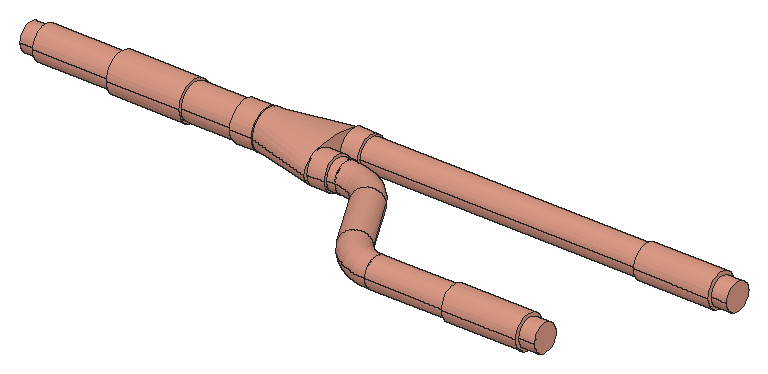
Revit family "outputfile", category 配管付属品, Revit 2024
Family settings
  丸型コネクタ寸法 = 半径を使用
  パーツ タイプ = 標準
  OmniClass 番号 = 23.65.55.00
  OmniClass タイトル = Distribution of Supplied Liquids/Gases
  作業面ベース = いいえ
  常に垂直 = はい
  ロード時にボイドで切り取り = いいえ
  共有 = いいえ
Parameters (values of type "BHRP26A22T")
  Description = ""
  製造元 = "Daikin"
  書き出し IFC クラス(タイプ) = "IfcPipeFittingType"
  Default Elevation = 0.0 mm
  定義済み IFC タイプ(タイプ) = "JUNCTION"
  Cost = 0
  モデル = "BHRP26A22T"
  Type Comments = ""
  Keynote = ""
  Type Image = (empty or 0)
  Assembly Code = ""
  table_StraightPipe [instance] = if(mm⇔inch, "Refnet Joint_BHRP26A-T_Gas_StraightPipe", "Refnet Joint_BHRP26A-T_Gas_StraightPipe_inch")  # "Refnet Joint_BHRP26A-T_Gas_StraightPipe"
  table_BranchPipe [instance] = if(mm⇔inch, "Refnet Joint_BHRP26A-T_Gas_BranchPipe", "Refnet Joint_BHRP26A-T_Gas_BranchPipe_inch")  # "Refnet Joint_BHRP26A-T_Gas_BranchPipe"
  table_Inlet [instance] = if(mm⇔inch, "Refnet Joint_BHRP26A-T_Gas_Inlet", "Refnet Joint_BHRP26A-T_Gas_Inlet_inch")  # "Refnet Joint_BHRP26A-T_Gas_Inlet"
  switch_StraightPipe_Reducer [instance] = if(Is_StraightPipe Reducer = 1, 1 = 1, 1 = 0)  # no
  switch_StraightPipe3 [instance] = if(number_StraightPipe = 3, 1 = 1, 1 = 0)  # no
  switch_StraightPipe2 [instance] = if(number_StraightPipe < 2, 1 = 0, 1 = 1)  # yes
  switch_BranchPipe_Reducer [instance] = if(Is_BranchPipe Reducer = 1, 1 = 1, 1 = 0)  # no
  switch_BranchPipe3 [instance] = if(number_BranchPipe = 3, 1 = 1, 1 = 0)  # no
  switch_BranchPipe2 [instance] = if(number_BranchPipe < 2, 1 = 0, 1 = 1)  # yes
  switch_Inlet pipe_Reducer [instance] = if(Is_Inlet Reducer = 1, 1 = 1, 1 = 0)  # no
  switch_Inlet pipe3 [instance] = if(number_InletPipe = 3, 1 = 1, 1 = 0)  # yes
  switch_Inlet pipe2 [instance] = if(number_InletPipe < 2, 1 = 0, 1 = 1)  # yes
  mm⇔inch [instance] = yes
  Uniclass2015Version = "Products v1.31"
  Uniclass2015Title = "Copper pipe fittings"
  Uniclass2015Code = "Pr_65_52_63_18"
  URL = ""
  StraightPipe_Gas_ActualDiameter [instance] = 12.7 mm
  Material_Piping = DAIKIN_Copper_Pipe
  Material_Insulation = DAIKIN_White_Insulation
  lw_Insulation [instance] = size_lookup(table_Inlet, "lw_Insulation", 60.0 mm, モデル)  # 60.0 mm
  Unit Type = "BHRP26A-T_Gas"
  Tag No. [instance] = ""
  StraightPipe_Gas_Status [instance] = size_lookup(table_StraightPipe, "Information", "The connected pipe size is not available.", モデル, StraightPipe_Gas_ActualDiameter)  # "Default connector size is used."
  Link_Nested Family [instance] = ""
  Inlet_Gas_Actual Diameter [instance] = 12.7 mm
  IfcVersion = ""
  IfcExportType = "JUNCTION"
  IfcExportAs = "IfcPipeFittingType"
  BranchPipe_Gas_Status [instance] = size_lookup(table_BranchPipe, "Information", "The connected pipe size is not available.", モデル, BranchPipe_Gas_ActualDiameter)  # "Default connector size is used."
  Inlet_Gas_Status [instance] = size_lookup(table_Inlet, "Information", "The connected pipe size is not available.", モデル, Inlet_Gas_Actual Diameter)  # "Default connector size is used."
  Series = "Refnet Joint"
  O.R_dividePipe_Inlet [instance] = (I.D_InletPipe1 + 2.0 mm) / 2  # 10.55 mm
  r_StraightPipe_Connector [instance] = StraightPipe_Gas_ActualDiameter / 2  # 6.35 mm
  r_BranchPipe_Connector [instance] = BranchPipe_Gas_ActualDiameter / 2  # 6.35 mm
  r_Inlet_Connector [instance] = Inlet_Gas_Actual Diameter / 2  # 6.35 mm
  number_StraightPipe [instance] = size_lookup(table_StraightPipe, "pipeNumber", 2, モデル, StraightPipe_Gas_ActualDiameter)  # 2
  number_BranchPipe [instance] = size_lookup(table_BranchPipe, "pipeNumber", 2, モデル, BranchPipe_Gas_ActualDiameter)  # 2
  number_InletPipe [instance] = size_lookup(table_Inlet, "pipeNumber", 3, モデル, Inlet_Gas_Actual Diameter)  # 3
  r_BranchPipeR [instance] = size_lookup(table_BranchPipe, "r_offsetPipeR", 25.0 mm, モデル, BranchPipe_Gas_ActualDiameter)  # 25.0 mm
  l_BranchPipe_Straight2 [instance] = size_lookup(table_BranchPipe, "L_offsetPipe2", 43.0 mm, モデル)  # 43.0 mm
  l_BranchPipe_Straight1 [instance] = size_lookup(table_BranchPipe, "L_offsetPipe1", 5.0 mm, モデル)  # 5.0 mm
  l_BranchPipe connector [instance] = size_lookup(table_BranchPipe, "Length", 170.0 mm, モデル, BranchPipe_Gas_ActualDiameter)  # 170.0 mm
  l_inlet connector [instance] = size_lookup(table_Inlet, "Length", 130.0 mm, モデル, Inlet_Gas_Actual Diameter)  # 130.0 mm
  l_dividePipe [instance] = size_lookup(table_Inlet, "L_devidePipe", 38.0 mm, モデル)  # 38.0 mm
  l_StraightPipeReducer [instance] = size_lookup(table_StraightPipe, "L_Reducer", 2.0 mm, モデル, StraightPipe_Gas_ActualDiameter)  # 80.0 mm
  l_StraightPipe3 [instance] = size_lookup(table_StraightPipe, "L_Pipe3", 2.0 mm, モデル)  # 2.0 mm
  l_StraightPipe2 [instance] = size_lookup(table_StraightPipe, "L_Pipe2", 9.0 mm, モデル)  # 9.0 mm
  l_StraightPipe1 [instance] = size_lookup(table_StraightPipe, "L_Pipe1", 41.0 mm, モデル)  # 41.0 mm
  l_StraightPipe0 [instance] = size_lookup(table_StraightPipe, "L_Pipe0", 152.0 mm, モデル)  # 152.0 mm
  l_StraightPipe connector [instance] = size_lookup(table_StraightPipe, "Length", 212.0 mm, モデル, StraightPipe_Gas_ActualDiameter)  # 212.0 mm
  l_BranchPipe Reducer [instance] = size_lookup(table_BranchPipe, "L_Reducer", 2.0 mm, モデル, BranchPipe_Gas_ActualDiameter)  # 80.0 mm
  l_BranchPipe3 [instance] = size_lookup(table_BranchPipe, "L_Pipe3", 2.0 mm, モデル)  # 2.0 mm
  l_BranchPipe2 [instance] = size_lookup(table_BranchPipe, "L_Pipe2", 9.0 mm, モデル)  # 9.0 mm
  l_BranchPipe1 [instance] = size_lookup(table_BranchPipe, "L_Pipe1", 41.0 mm, モデル)  # 41.0 mm
  l_BranchPipe0 [instance] = size_lookup(table_BranchPipe, "L_Pipe0", 110.0 mm, モデル)  # 110.0 mm
  l_InletReducer [instance] = size_lookup(table_Inlet, "L_Reducer", 2.0 mm, モデル, Inlet_Gas_Actual Diameter)  # 100.0 mm
  l_InletPipe3 [instance] = size_lookup(table_Inlet, "L_Pipe3", 8.0 mm, モデル)  # 8.0 mm
  l_InletPipe2 [instance] = size_lookup(table_Inlet, "L_Pipe2", 42.0 mm, モデル)  # 42.0 mm
  l_InletPipe1 [instance] = size_lookup(table_Inlet, "L_Pipe1", 40.0 mm, モデル)  # 40.0 mm
  l_InletPipe0 [instance] = size_lookup(table_Inlet, "L_Pipe0", 28.0 mm, モデル)  # 28.0 mm
  center_StraightPipe [instance] = size_lookup(table_StraightPipe, "center_Pipe", 11.5 mm, モデル)  # 11.5 mm
  center_BranchPipe2 [instance] = size_lookup(table_BranchPipe, "center_OffsetPipe", 67.5 mm, モデル)  # 68.5 mm
  center_BranchPipe1 [instance] = size_lookup(table_BranchPipe, "center_Pipe", 11.5 mm, モデル)  # 11.5 mm
  StraightPipe_Gas_AvailableDiameter [instance] = size_lookup(table_StraightPipe, "sizeVariation", "", モデル)  # "12.7/15.9/19.1mm"
  BranchPipe_Gas_AvailableDiameter [instance] = size_lookup(table_BranchPipe, "sizeVariation", "", モデル)  # "12.7/15.9mm"
  Inlet_Gas_Available Diameter [instance] = size_lookup(table_Inlet, "sizeVariation", "", モデル)  # "12.7/15.9/19.1/22.2mm"
  O.D_StraightPipe Reducer [instance] = size_lookup(table_StraightPipe, "O.D_reducer", 2.0 mm, モデル, StraightPipe_Gas_ActualDiameter)  # 2.0 mm
  O.D_Offset Outlet Reducer [instance] = size_lookup(table_BranchPipe, "O.D_reducer", 2.0 mm, モデル, BranchPipe_Gas_ActualDiameter)  # 2.0 mm
  O.D_Inlet Reducer [instance] = size_lookup(table_Inlet, "O.D_reducer", 2.0 mm, モデル, Inlet_Gas_Actual Diameter)  # 2.0 mm
  Is_StraightPipe Reducer [instance] = size_lookup(table_StraightPipe, "IsReducer", 0, モデル, StraightPipe_Gas_ActualDiameter)  # 0
  Is_BranchPipe Reducer [instance] = size_lookup(table_BranchPipe, "IsReducer", 0, モデル, BranchPipe_Gas_ActualDiameter)  # 0
  Is_Inlet Reducer [instance] = size_lookup(table_Inlet, "IsReducer", 0, モデル, Inlet_Gas_Actual Diameter)  # 0
  BranchPipe_Gas_ActualDiameter [instance] = 12.7 mm
  Attach_Insulation [instance] = no
  I.D_StraightPipe3 [instance] = size_lookup(table_StraightPipe, "I.D_PipeSize3", 12.7 mm, モデル)  # 2.0 mm
  I.D_StraightPipe2 [instance] = size_lookup(table_StraightPipe, "I.D_PipeSize2", 12.7 mm, モデル)  # 12.7 mm
  I.D_StraightPipe1 [instance] = size_lookup(table_StraightPipe, "I.D_PipeSize1", 15.9 mm, モデル)  # 15.9 mm
  I.D_StraightPipe0 [instance] = size_lookup(table_StraightPipe, "I.D_PipeSize0", 13.9 mm, モデル)  # 13.9 mm
  I.D_BranchPipe3 [instance] = size_lookup(table_BranchPipe, "I.D_PipeSize3", 12.7 mm, モデル)  # 2.0 mm
  I.D_BranchPipe2 [instance] = size_lookup(table_BranchPipe, "I.D_PipeSize2", 12.7 mm, モデル)  # 12.7 mm
  I.D_BranchPipe1 [instance] = size_lookup(table_BranchPipe, "I.D_PipeSize1", 15.9 mm, モデル)  # 15.9 mm
  I.D_BranchPipe0 [instance] = size_lookup(table_BranchPipe, "I.D_PipeSize0", 13.9 mm, モデル)  # 13.9 mm
  I.D_Straight Reducer [instance] = size_lookup(table_StraightPipe, "I.D_reducer", 2.0 mm, モデル, StraightPipe_Gas_ActualDiameter)  # 2.0 mm
  I.D_OutletPipe [instance] = size_lookup(table_Inlet, "I.D_OutletPipeSize", 16.0 mm, モデル, Inlet_Gas_Actual Diameter)  # 16.0 mm
  I.D_Branch Reducer [instance] = size_lookup(table_BranchPipe, "I.D_reducer", 2.0 mm, モデル, BranchPipe_Gas_ActualDiameter)  # 2.0 mm
  I.D_Inlet Reducer [instance] = size_lookup(table_Inlet, "I.D_reducer", 2.0 mm, モデル, Inlet_Gas_Actual Diameter)  # 2.0 mm
  I.D_InletPipe3 [instance] = size_lookup(table_Inlet, "I.D_PipeSize3", 12.7 mm, モデル)  # 12.7 mm
  I.D_InletPipe2 [instance] = size_lookup(table_Inlet, "I.D_PipeSize2", 15.9 mm, モデル)  # 15.9 mm
  I.D_InletPipe1 [instance] = size_lookup(table_Inlet, "I.D_PipeSize1", 19.1 mm, モデル)  # 19.1 mm
  I.D_InletPipe0 [instance] = size_lookup(table_Inlet, "I.D_PipeSize0", 17.1 mm, モデル)  # 17.1 mm
Reference planes
  plane 1 "Center (Front/Back)": y = 0
  plane 2: z = 0
  plane 3 "base_left": x = 0
  plane 4: x = 8
  plane 5: x = 50
  plane 6: x = 90
  plane 7: x = 118
  plane 8: x = 130
  plane 9: x = 168
  plane 10: x = 178
  plane 11 "center_straight outlet": y = 11.5
  plane 12 "center2_offset outlet": y = -68.5
  plane 13 "center1_offset outlet": y = -11.5
  plane 14: x = 330
  plane 15: x = 371
  plane 16: x = 380
  plane 17: x = 288
  plane 18: x = 329
  plane 19: x = 338
  plane 20: x = 382
  plane 21: x = 340
  plane 22 "Reducer_straightoutlet": x = 338
  plane 23: x = 380
  plane 24: y = -22.05
  plane 25: z = 10.55
  plane 26 "Inlet_connector": x = 0
  plane 27 "Left_Insulation": x = 70
Forms (mm)
  SweptBlend 1, solid, material "DAIKIN_Copper_Pipe" <- "Material_Piping"
    path origin (0, 0, 0) x (1, 0, 0) y (0, 1, 0)
      loop
        line (130, 0) -> (168, 0)
    profile origin (130, 0, 0) x (0, 1, 0) y (0, 0, 1)
      loop
        circle (0, 0) r 10.55
    end profile origin (168, 0, 0) x (0, 1, 0) y (0, 0, 1)
      loop
        spline (-22.05, 0) -> (-21.299, -2.731) -> (-19.096, -5.275) -> (-15.592, -7.46) -> (-11.025, -9.137) -> (-5.707, -10.191) -> (0, -10.55) -> (5.707, -10.191) -> (11.025, -9.137) -> (15.592, -7.46) -> (19.096, -5.275) -> (21.299, -2.731) -> (22.05, 0)
        spline (22.05, 0) -> (21.299, 2.731) -> (19.096, 5.275) -> (15.592, 7.46) -> (11.025, 9.137) -> (5.707, 10.191) -> (0, 10.55) -> (-5.707, 10.191) -> (-11.025, 9.137) -> (-15.592, 7.46) -> (-19.096, 5.275) -> (-21.299, 2.731) -> (-22.05, 0)
Dimensions and locks
  "l_InletPipe3": plane 3 "base_left" to plane 4
  "l_InletPipe2": plane 4 to plane 5
  "l_InletPipe1": plane 5 to plane 6
  "l_InletPipe0": plane 6 to plane 7
  locked: plane 7 to plane 8 at 12
  "center_StraightPipe": plane 1 "Center (Front/Back)" to plane 11 "center_straight outlet"
  "center_BranchPipe2": plane 12 "center2_offset outlet" to plane 1 "Center (Front/Back)"
  "center_BranchPipe1": plane 13 "center1_offset outlet" to plane 1 "Center (Front/Back)"
  "l_dividePipe": plane 8 to plane 9
  plane 9 to plane 10 = 10.0 mm
  "l_StraightPipe0": plane 10 to plane 14
  "l_BranchPipe0": plane 10 to plane 17
  "l_BranchPipe1": plane 17 to plane 18
  "l_BranchPipe2": plane 18 to plane 19
  "l_StraightPipe1": plane 14 to plane 15
  "l_StraightPipe2": plane 15 to plane 16
  "l_StraightPipe3": plane 16 to plane 20
  "l_BranchPipe3": plane 19 to plane 21
  "l_BranchPipe connector": plane 9 to plane 22 "Reducer_straightoutlet"
  "l_StraightPipe connector": plane 9 to plane 23
  "O.R_dividePipe_Inlet": plane 24 to plane 13 "center1_offset outlet"
  "O.R_dividePipe_Inlet": plane 25 to plane 2
  "l_inlet connector": plane 26 "Inlet_connector" to plane 8
  "lw_Insulation": plane 27 "Left_Insulation" to plane 8
  "O.R_dividePipe_Inlet": radius of SweptBlend 1 sketch curve
  aligned and locked: level to plane 2
  aligned and locked: plane 2 to nested 1
  aligned and locked: plane 3 "base_left" to nested 1
  aligned and locked: plane 1 "Center (Front/Back)" to nested 1
  aligned and locked: plane 4 to nested 2
  aligned and locked: plane 1 "Center (Front/Back)" to nested 2
  aligned and locked: plane 5 to nested 2
  aligned and locked: plane 5 to nested 3
  aligned and locked: plane 6 to nested 3
  aligned and locked: plane 6 to nested 4
  aligned and locked: nested 4 to plane 7
  aligned and locked: nested 5 to plane 7
  aligned and locked: nested 5 to plane 8
  aligned and locked: plane 8 to SweptBlend 1 sketch curve
  aligned and locked: plane 9 to SweptBlend 1 sketch curve
  aligned and locked: plane 2 to SweptBlend 1 sketch curve  (x2)
  aligned and locked: plane 1 "Center (Front/Back)" to SweptBlend 1 sketch curve  (x2)
  aligned and locked: nested 6 to plane 9
  aligned and locked: nested 7 to plane 9
  aligned and locked: nested 6 to plane 11 "center_straight outlet"
  aligned and locked: nested 7 to plane 13 "center1_offset outlet"
  aligned and locked: nested 7 to plane 10
  aligned and locked: nested 6 to plane 10
  aligned and locked: nested 8 to plane 10
  aligned and locked: plane 14 to nested 8
  aligned and locked: nested 8 to plane 11 "center_straight outlet"
  aligned and locked: plane 14 to nested 9
  aligned and locked: nested 9 to plane 11 "center_straight outlet"
  aligned and locked: plane 15 to nested 9
  aligned and locked: nested 10 to plane 11 "center_straight outlet"
  aligned and locked: plane 15 to nested 10
  aligned and locked: plane 16 to nested 10
  aligned and locked: nested 11 to plane 12 "center2_offset outlet"
  aligned and locked: plane 17 to nested 11
  aligned and locked: plane 18 to nested 11
  aligned and locked: nested 12 to plane 12 "center2_offset outlet"
  aligned and locked: plane 18 to nested 12
  aligned and locked: plane 19 to nested 12
  aligned and locked: nested 13 to plane 10
  aligned and locked: nested 13 to plane 13 "center1_offset outlet"
  aligned and locked: nested 13 to plane 12 "center2_offset outlet"
  aligned and locked: plane 8 to nested 14
  aligned and locked: plane 1 "Center (Front/Back)" to nested 14
  aligned and locked: plane 11 "center_straight outlet" to nested 15
  aligned and locked: nested 15 to plane 9
  aligned and locked: nested 16 to plane 9
  aligned and locked: plane 12 "center2_offset outlet" to nested 16
  aligned and locked: nested 17 to plane 1 "Center (Front/Back)"
  aligned and locked: plane 16 to nested 18
  aligned and locked: plane 20 to nested 18
  aligned and locked: plane 19 to nested 19
  aligned and locked: plane 21 to nested 19
  aligned and locked: nested 20 to plane 12 "center2_offset outlet"
  aligned and locked: plane 23 to nested 21
  aligned and locked: nested 21 to plane 11 "center_straight outlet"
  aligned and locked: plane 4 to nested 1
  aligned and locked: plane 24 to SweptBlend 1 sketch curve
  aligned and locked: plane 25 to SweptBlend 1 sketch curve
  aligned and locked: nested 19 to plane 12 "center2_offset outlet"
  aligned and locked: nested 18 to plane 11 "center_straight outlet"
  aligned and locked: nested 17 to plane 26 "Inlet_connector"
  aligned and locked: plane 22 "Reducer_straightoutlet" to nested 20
  aligned and locked: plane 27 "Left_Insulation" to nested 22
  aligned and locked: plane 1 "Center (Front/Back)" to nested 22
Automatic sketch dimensions
  plane 1 "Center (Front/Back)" to SweptBlend 1 sketch curve = 0.0 mm
Nested families
  nested 1: "daikin_Pipe" at (4, 0, 0), I.D_Pipe <- "I.D_InletPipe3", display <- "switch_Inlet pipe3", type "*"
    with length_Pipe 8.0 mm, display yes, O.D_Pipe 14.7 mm, I.D_Pipe 12.7 mm
  nested 2: "daikin_Pipe" at (29, 0, 0), I.D_Pipe <- "I.D_InletPipe2", display <- "switch_Inlet pipe2", type "*"
    with length_Pipe 42.0 mm, display yes, O.D_Pipe 17.9 mm, I.D_Pipe 15.9 mm
  nested 3: "daikin_Pipe" at (70, 0, 0), I.D_Pipe <- "I.D_InletPipe1", type "*"
    with length_Pipe 40.0 mm, display yes, O.D_Pipe 21.1 mm, I.D_Pipe 19.1 mm
  nested 4: "daikin_Pipe" at (104, 0, 0), I.D_Pipe <- "I.D_InletPipe0", type "*"
    with length_Pipe 28.0 mm, display yes, O.D_Pipe 19.1 mm, I.D_Pipe 17.1 mm
  nested 5: "daikin_Pipe" at (124, 0, 0), I.D_Pipe <- "I.D_InletPipe1", type "*"
    with length_Pipe 12.0 mm, display yes, O.D_Pipe 21.1 mm, I.D_Pipe 19.1 mm
  nested 6: "daikin_Pipe" at (173, 11.5, 0), I.D_Pipe <- "I.D_OutletPipe", type "*"
    with length_Pipe 10.0 mm, display yes, O.D_Pipe 18.0 mm, I.D_Pipe 16.0 mm
  nested 7: "daikin_Pipe" at (173, -11.5, 0), I.D_Pipe <- "I.D_OutletPipe", type "*"
    with length_Pipe 10.0 mm, display yes, O.D_Pipe 18.0 mm, I.D_Pipe 16.0 mm
  nested 8: "daikin_Pipe" at (254, 11.5, 0), I.D_Pipe <- "I.D_StraightPipe0", type "*"
    with length_Pipe 152.0 mm, display yes, O.D_Pipe 15.9 mm, I.D_Pipe 13.9 mm
  nested 9: "daikin_Pipe" at (350.5, 11.5, 0), I.D_Pipe <- "I.D_StraightPipe1", type "*"
    with length_Pipe 41.0 mm, display yes, O.D_Pipe 17.9 mm, I.D_Pipe 15.9 mm
  nested 10: "daikin_Pipe" at (375.5, 11.5, 0), I.D_Pipe <- "I.D_StraightPipe2", display <- "switch_StraightPipe2", type "*"
    with length_Pipe 9.0 mm, display yes, O.D_Pipe 14.7 mm, I.D_Pipe 12.7 mm
  nested 11: "daikin_Pipe" at (308.5, -68.5, 0), I.D_Pipe <- "I.D_BranchPipe1", type "*"
    with length_Pipe 41.0 mm, display yes, O.D_Pipe 17.9 mm, I.D_Pipe 15.9 mm
  nested 12: "daikin_Pipe" at (333.5, -68.5, 0), I.D_Pipe <- "I.D_BranchPipe2", display <- "switch_BranchPipe2", type "*"
    with length_Pipe 9.0 mm, display yes, O.D_Pipe 14.7 mm, I.D_Pipe 12.7 mm
  nested 13: "daikin_Pipe Ofsset" at (178, -11.5, 0), I.D_Pipe size <- "I.D_BranchPipe0", length_straight pipe1 <- "l_BranchPipe_Straight1", length_straight pipe2 <- "l_BranchPipe_Straight2", r_Pipe R <- "r_BranchPipeR", length_Pipe <- "l_BranchPipe0", type "*"
    with r_Pipe R 25.0 mm, length_straight pipe2 43.0 mm, length_straight pipe1 5.0 mm, length_offset center 57.0 mm, length_Pipe 110.0 mm, O.D_Pipe size 15.9 mm, I.D_Pipe size 13.9 mm
  nested 14: "daikin_connector_rotate2" at (130, 0, 0) x (0, -1, 0) z (0, 0, 1), length <- "l_inlet connector", type "daikin_connector_rotate2"
    with radius 5.0 mm, length 130.0 mm, angle_vertical 90.00°, locaton_mark no
  nested 15: "daikin_connector_rotate2" at (168, 11.5, 0) x (0, 1, 0) z (0, 0, 1), length <- "l_StraightPipe connector", type "daikin_connector_rotate2"
    with radius 5.0 mm, length 212.0 mm, angle_vertical 90.00°, locaton_mark no
  nested 16: "daikin_connector_rotate2" at (168, -68.5, 0) x (0, 1, 0) z (0, 0, 1), length <- "l_BranchPipe connector", type "daikin_connector_rotate2"
    with radius 5.0 mm, length 170.0 mm, angle_vertical 90.00°, locaton_mark no
  nested 17: "daikin_Pipe_reducer" at (50, 0, 0) x (-1, 0, 0) z (0, 0, 1), display <- "switch_Inlet pipe_Reducer", length_Pipe <- "l_InletReducer", I.D_Pipe1 <- "I.D_Inlet Reducer", O.D_Pipe2 <- "O.D_Inlet Reducer", type "*"
    with length_Pipe 100.0 mm, display no, O.D_Pipe2 2.0 mm, O.D_Pipe1 4.0 mm, I.D_Pipe2 0.0 mm, I.D_Pipe1 2.0 mm
  nested 18: "daikin_Pipe" at (381, 11.5, 0), I.D_Pipe <- "I.D_StraightPipe3", display <- "switch_StraightPipe3", type "*"
    with length_Pipe 2.0 mm, display no, O.D_Pipe 4.0 mm, I.D_Pipe 2.0 mm
  nested 19: "daikin_Pipe" at (339, -68.5, 0), I.D_Pipe <- "I.D_BranchPipe3", display <- "switch_BranchPipe3", type "*"
    with length_Pipe 2.0 mm, display no, O.D_Pipe 4.0 mm, I.D_Pipe 2.0 mm
  nested 20: "daikin_Pipe_reducer" at (298, -68.5, 0), I.D_Pipe1 <- "I.D_Branch Reducer", O.D_Pipe2 <- "O.D_Offset Outlet Reducer", length_Pipe <- "l_BranchPipe Reducer", display <- "switch_BranchPipe_Reducer", type "*"
    with length_Pipe 80.0 mm, display no, O.D_Pipe2 2.0 mm, O.D_Pipe1 4.0 mm, I.D_Pipe2 0.0 mm, I.D_Pipe1 2.0 mm
  nested 21: "daikin_Pipe_reducer" at (340, 11.5, 0), I.D_Pipe1 <- "I.D_Straight Reducer", O.D_Pipe2 <- "O.D_StraightPipe Reducer", length_Pipe <- "l_StraightPipeReducer", display <- "switch_StraightPipe_Reducer", type "*"
    with length_Pipe 80.0 mm, display no, O.D_Pipe2 2.0 mm, O.D_Pipe1 4.0 mm, I.D_Pipe2 0.0 mm, I.D_Pipe1 2.0 mm
  nested 22: "daikin_Insulation_RefnetJoint" at (70, 0, 0), I.D_Outlet PipeSize <- "I.D_OutletPipe", type "*"
    with h 48.0 mm, I.D_Outlet PipeSize 16.0 mm
Connectors
  piping at (0, 0, 0), diameter 12.7, driven by "r_Inlet_Connector"
    settings: on nested 14, index 1, connector inside diameter 609.6 mm, connector length 0.0 mm, flow factor 0, pipe flow 0.00 m³/h, pressure drop 0.0 Pa, fitting loss kfactor 0, connector angle 0.00°, fixture units 0, engagement length 0.0 mm, angle of deflection 0.00°, flow configuration 0, flow direction 2, fitting loss method 0, system type 29, joint type 0, gender type 0, connector reference index -1, connector utility 0, adjustable connector no, is connector primary yes, connector description "Refnet Joint_Inlet_Gas"
  piping at (338, -68.5, 0), diameter 12.7, driven by "r_BranchPipe_Connector"
    settings: on nested 16, index 2, connector inside diameter 609.6 mm, connector length 0.0 mm, flow factor 0, pipe flow 0.00 m³/h, pressure drop 0.0 Pa, fitting loss kfactor 0, connector angle 0.00°, fixture units 0, engagement length 0.0 mm, angle of deflection 0.00°, flow configuration 0, flow direction 1, fitting loss method 0, system type 29, joint type 0, gender type 0, connector reference index -1, connector utility 0, adjustable connector no, is connector primary no, connector description "Refnet Joint_Outlet Branch_Gas"
  piping at (380, 11.5, 0), diameter 12.7, driven by "r_StraightPipe_Connector"
    settings: on nested 15, index 3, connector inside diameter 609.6 mm, connector length 0.0 mm, flow factor 0, pipe flow 0.00 m³/h, pressure drop 0.0 Pa, fitting loss kfactor 0, connector angle 0.00°, fixture units 0, engagement length 0.0 mm, angle of deflection 0.00°, flow configuration 0, flow direction 1, fitting loss method 0, system type 29, joint type 0, gender type 0, connector reference index -1, connector utility 0, adjustable connector no, is connector primary no, connector description "Refnet Joint_Outlet Straight_Gas"
Definition of nested family "daikin_Pipe"
  Parameters (values of type "*")
    Default Elevation = 0.0 mm
    material = none
    length_Pipe [instance] = 150.0 mm
    display [instance] = yes
    O.D_Pipe [instance] = I.D_Pipe + 2.0 mm  # 27.0 mm
    I.D_Pipe [instance] = 25.0 mm
  Reference planes
    plane 1 "Center (Front/Back)": y = 0
    plane 2 "center(vertical)": z = 0
    plane 3 "Center (Left/Right)": x = 0
    plane 4 "left": x = -75
    plane 5 "right": x = 75
  Forms (mm)
    Extrusion 1, solid, material <- "material", visible <- "display"
      sketch origin (0, 0, 0) x (0, 1, 0) y (0, 0, 1)
        loop
          circle (0, 0) r 13.5
      from -75 to 75
  Dimensions and locks
    equal spacing: plane 4 "left", plane 3 "Center (Left/Right)", plane 5 "right"
    "length_Pipe": plane 4 "left" to plane 5 "right"
    "O.D_Pipe": diameter of Extrusion 1 sketch curve
    aligned and locked: level to plane 2 "center(vertical)"
    aligned and locked: plane 2 "center(vertical)" to Extrusion 1 sketch curve
    aligned and locked: plane 1 "Center (Front/Back)" to Extrusion 1 sketch curve
    aligned and locked: plane 5 "right" to Extrusion 1
    aligned and locked: Extrusion 1 to plane 4 "left"
Definition of nested family "daikin_Pipe Ofsset"
  Parameters (values of type "*")
    Default Elevation = 0.0 mm
    r_Pipe R [instance] = 40.0 mm
    material = none
    length_straight pipe2 [instance] = 43.0 mm
    length_straight pipe1 [instance] = 5.0 mm
    length_offset center [instance] = 57.0 mm
    length_Pipe [instance] = 110.0 mm
    O.D_Pipe size [instance] = I.D_Pipe size + 2.0 mm  # 12.0 mm
    I.D_Pipe size [instance] = 10.0 mm
  Reference planes
    plane 1 "Center (Front/Back)": y = 0
    plane 2: z = 0
    plane 3 "Center (Left/Right)": x = 0
    plane 4: y = -57
    plane 5: x = 110
    plane 6: x = 67
    plane 7: x = 5
  Forms (mm)
    Sweep 1, solid, material <- "material"
      path origin (0, 0, 0) x (1, 0, 0) y (0, 1, 0)
        loop
          line (0, 0) -> (5, 0)
          arc (5, 0) -> (20.74, -3.227) -> (33.94, -12.387) r 40
          line (33.94, -12.387) -> (38.06, -44.613)
          arc (38.06, -44.613) -> (51.26, -53.773) -> (67, -57) r 40
          line (67, -57) -> (110, -57)
      profile origin (2.5, 0, 0) x (0, 1, 0) y (0, 0, 1)
        loop
          circle (0, 0) r 6
  Dimensions and locks
    "length_offset center": plane 4 to plane 1 "Center (Front/Back)"
    "length_straight pipe1": plane 3 "Center (Left/Right)" to plane 7
    "length_Pipe": plane 3 "Center (Left/Right)" to plane 5
    "length_straight pipe2": plane 6 to plane 5
    "O.D_Pipe size": diameter of Sweep 1 sketch curve
    "r_Pipe R": radius of Sweep 1 sketch curve  (x2)
    aligned and locked: level to plane 2
    aligned and locked: plane 1 "Center (Front/Back)" to Sweep 1 sketch curve
    aligned and locked: profile plane to Sweep 1 sketch curve
    aligned and locked: plane 5 to Sweep 1 sketch curve
    aligned and locked: plane 7 to Sweep 1 sketch curve
    aligned and locked: plane 6 to Sweep 1 sketch curve
  Automatic sketch dimensions
    plane 1 "Center (Front/Back)" to Sweep 1 sketch curve = 0.0 mm
    Sweep 1 sketch curve to plane 3 "Center (Left/Right)" = 0.0 mm
    plane 4 to Sweep 1 sketch curve = 0.0 mm
    plane 1 "Center (Front/Back)" to Sweep 1 sketch curve = 12.387 mm
    Sweep 1 sketch curve to plane 4 = 12.387 mm
Definition of nested family "daikin_connector_rotate2"
  Parameters (values of type "daikin_connector_rotate2")
    show_face = no
    radius [instance] = 10.0 mm
    locaton_mark = yes
    length [instance] = 600.0 mm
    d_surface = 10.0 mm
    angle_vertical [instance] = 90.00°
    Default Elevation = 0.0 mm
  Reference planes
    plane 1 "Center (Front/Back)": y = 0
    plane 2: z = 0
    plane 3 "Center (Left/Right)": x = 0
  Forms (mm)
    Extrusion 1, solid, visible <- "show_face"
      sketch origin (0, -600, 0) x (1, 0, 0) y (0, 0, 1)
        loop
          circle (0, 0) r 10
      from 0 to -10
  Lines and regions (mm)
    reference lines
      curve 1: line (0, 0, 0) -> (0, -600, 0)
    symbolic lines, visible <- "locaton_mark"
      curve 2: circle (0, 0, 0) r 5 normal (0, 0, 1)
    model lines, visible <- "show_face"
      curve 3: line (0, 0, 0) -> (0, -600, 0)
  Dimensions and locks
    "length": curve 1 to curve 1
    "length": curve 3 to curve 3
    "d_surface": Extrusion 1 to Extrusion 1
    "radius": radius of Extrusion 1 sketch curve
    "angle_vertical": angle curve 1 to plane 1 "Center (Front/Back)"
    "angle_vertical": angle curve 3 to plane 1 "Center (Front/Back)"
    aligned and locked: level to plane 2
    aligned and locked: plane 1 "Center (Front/Back)" to curve 1
    aligned and locked: plane 2 to curve 1
    aligned and locked: plane 1 "Center (Front/Back)" to curve 2
    aligned and locked: plane 3 "Center (Left/Right)" to curve 2
    aligned and locked: plane 1 "Center (Front/Back)" to curve 3
    aligned and locked: plane 2 to curve 3
    aligned and locked: Extrusion 1 to Extrusion 1
  Automatic sketch dimensions
    Extrusion 1 sketch curve to level = 0.0 mm
    Extrusion 1 sketch curve to plane 3 "Center (Left/Right)" = 0.0 mm
    radius of curve 2 = 5.0 mm
Definition of nested family "daikin_Pipe_reducer"
  Parameters (values of type "*")
    Default Elevation = 0.0 mm
    material = none
    length_Pipe [instance] = 250.0 mm
    display [instance] = yes
    O.D_Pipe2 [instance] = 19.1 mm
    O.D_Pipe1 [instance] = I.D_Pipe1 + 2.0 mm  # 24.2 mm
    I.D_Pipe2 [instance] = O.D_Pipe2 - 2.0 mm  # 17.1 mm
    I.D_Pipe1 [instance] = 22.2 mm
  Reference planes
    plane 1 "Center (Front/Back)": y = 0
    plane 2 "center(vertical)": z = 0
    plane 3 "Center (Left/Right)": x = 0
    plane 4 "connection": x = -125
    plane 5 "right": x = 113
    plane 6: x = 125
  Forms (mm)
    Extrusion 1, solid, material <- "material", visible <- "display"
      sketch origin (0, 0, 0) x (0, 1, 0) y (0, 0, 1)
        loop
          circle (0, 0) r 9.55
      from -125 to 113
    Extrusion 2, solid, material <- "material", visible <- "display"
      sketch origin (0, 0, 0) x (0, 1, 0) y (0, 0, 1)
        loop
          circle (0, 0) r 12.1
      from 113 to 125
  Dimensions and locks
    locked: plane 5 "right" to plane 6 at 12
    "length_Pipe": plane 4 "connection" to plane 6
    equal spacing: plane 4 "connection", plane 3 "Center (Left/Right)", plane 6
    "O.D_Pipe2": diameter of Extrusion 1 sketch curve
    "O.D_Pipe1": diameter of Extrusion 2 sketch curve
    aligned and locked: level to plane 2 "center(vertical)"
    aligned and locked: plane 2 "center(vertical)" to Extrusion 1 sketch curve
    aligned and locked: plane 1 "Center (Front/Back)" to Extrusion 1 sketch curve
    aligned and locked: plane 5 "right" to Extrusion 1
    aligned and locked: Extrusion 1 to plane 4 "connection"
    aligned and locked: plane 2 "center(vertical)" to Extrusion 2 sketch curve
    aligned and locked: plane 1 "Center (Front/Back)" to Extrusion 2 sketch curve
    aligned and locked: Extrusion 2 to plane 5 "right"
    aligned and locked: plane 6 to Extrusion 2
Definition of nested family "daikin_Insulation_RefnetJoint"
  Parameters (values of type "*")
    Default Elevation = 0.0 mm
    Model = "BHRP26A22T"
    w_Insulation5 = size_lookup(table_Insulation, "w_Insulation5", 212.0 mm, Model)  # 212.0 mm
    w_Insulation4 = size_lookup(table_Insulation, "w_Insulation4", 67.0 mm, Model)  # 67.0 mm
    w_Insulation3 = size_lookup(table_Insulation, "w_Insulation3", 34.7 mm, Model)  # 34.7 mm
    w_Insulation2 = size_lookup(table_Insulation, "w_Insulation2", 80.0 mm, Model)  # 80.0 mm
    w_Insulation1 = size_lookup(table_Insulation, "w_Insulation1", 22.0 mm, Model)  # 22.0 mm
    table_Insulation = "Refnet Joint_BHRP26A-T_Gas_Insulation"  # constant formula
    material = none
    h [instance] = (I.D_Outlet PipeSize + 2.0 mm) + 30.0 mm  # 47.0 mm
    display = no
    d_Insulation3 = size_lookup(table_Insulation, "d_Insulation3", 131.5 mm, Model)  # 131.5 mm
    d_Insulation2 = size_lookup(table_Insulation, "d_Insulation2", 79.0 mm, Model)  # 79.0 mm
    d_Insulation1 = size_lookup(table_Insulation, "d_Insulation1", 56.0 mm, Model)  # 56.0 mm
    I.D_Outlet PipeSize [instance] = 15.0 mm
  Reference planes
    plane 1 "Center (Front/Back)": y = 0
    plane 2: z = 0
    plane 3 "Left": x = 0
    plane 4 "top": z = 23.5
    plane 5 "bottom": z = -23.5
    plane 6: x = 22
    plane 7: x = 80
    plane 8: y = 28
    plane 9: y = -28
    plane 10: y = 39.5
    plane 11: y = -39.5
    plane 12: y = -92
    plane 13: x = 212
    plane 14: y = -26.25
    plane 15: x = 114.7
    plane 16: x = 145
  Forms (mm)
    Extrusion 1, solid, material <- "material", visible <- "display"
      sketch origin (0, 0, 0) x (1, 0, 0) y (0, 1, 0)
        loop
          line (22, 28) -> (0, 28) -> (0, -28) -> (22, -28) -> (80, -39.5) -> (114.7, -39.5) -> (145, -92) -> (212, -92) -> (212, -43.5) -> (202.5, -43.5)
          arc (202.5, -43.5) -> (189, -30) -> (202.5, -16.5) r 13.5
          line (202.5, -16.5) -> (212, -16.5) -> (212, 39.5) -> (80, 39.5) -> (22, 28)
      from -23.5 to 23.5
  Dimensions and locks
    equal spacing: plane 4 "top", plane 2, plane 5 "bottom"
    "h": plane 4 "top" to plane 5 "bottom"
    "w_Insulation1": plane 3 "Left" to plane 6
    "w_Insulation2": plane 3 "Left" to plane 7
    equal spacing: plane 8, plane 1 "Center (Front/Back)", plane 9
    "d_Insulation1": plane 8 to plane 9
    equal spacing: plane 10, plane 1 "Center (Front/Back)", plane 11
    "d_Insulation2": plane 10 to plane 11
    "d_Insulation3": plane 10 to plane 12
    "w_Insulation5": plane 3 "Left" to plane 13
    "w_Insulation3": plane 7 to plane 15
    "w_Insulation4": plane 16 to plane 13
    aligned and locked: level to plane 2
    aligned and locked: Extrusion 1 to plane 5 "bottom"
    aligned and locked: plane 4 "top" to Extrusion 1
    aligned and locked: plane 6 to Extrusion 1  (x2)
    aligned and locked: plane 7 to Extrusion 1  (x2)
    aligned and locked: plane 6 to Extrusion 1 sketch curve
    aligned and locked: plane 11 to Extrusion 1 sketch curve
    aligned and locked: plane 7 to Extrusion 1 sketch curve  (x2)
    aligned and locked: plane 10 to Extrusion 1 sketch curve
    aligned and locked: Extrusion 1 sketch curve to plane 12
    aligned and locked: Extrusion 1 sketch curve to plane 13  (x2)
    aligned and locked: plane 16 to Extrusion 1 sketch curve
    aligned and locked: plane 15 to Extrusion 1 sketch curve
  Automatic sketch dimensions
    Extrusion 1 sketch curve to plane 3 "Left" = 0.0 mm
    Extrusion 1 sketch curve to plane 6 = 0.0 mm
    Extrusion 1 sketch curve to plane 9 = 0.0 mm
    Extrusion 1 sketch curve to plane 8 = 0.0 mm
    Extrusion 1 sketch curve to plane 11 = 4.0 mm
    Extrusion 1 sketch curve to plane 13 = 9.5 mm
    Extrusion 1 sketch curve to plane 9 = 2.0 mm
